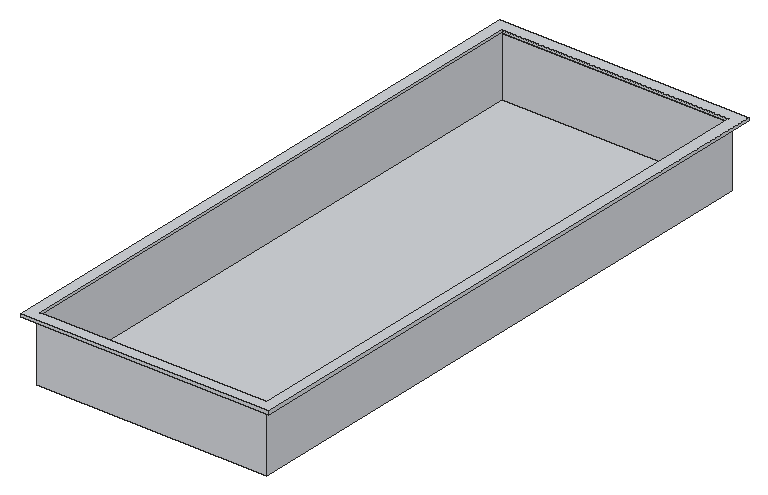
Revit family "Hager-Volta-IP30-Flush_mounted-leer-CH-de", category Electrical Equipment, host Face, Revit 2020
Family settings
  Host = Face
  Panel Configuration = Two Columns, Circuits Across
  Round Connector Dimension = Use Diameter
  Part Type = Panelboard
  Cut with Voids When Loaded = No
  Shared = No
  Room Calculation Point = No
Parameters (values of type "Unterputz  B348 H880 T94.5 12 Teilungseinheiten - VU60NK")
  Width Control [instance] = if([HG000006 - Unterputz], if([EF000846 - Einbaubreite] > min_whd, [EF000846 - Einbaubreite], min_whd), if([EF000008 - Breite] > min_whd, ([EF000008 - Breite]), min_whd))  # 335 mm
  Void Depth [instance] = if([HG000006 - Unterputz], Depth Control, 1 mm)  # 90 mm
  Type Comments = [HG000003 - Bereich]  # "Volta"
  System Height [instance] = Height Control - 2 * [HG000005 - Dicke]  # 840 mm
  Model = [HG000004 - Herstellerreferenz]  # "VU60NK"
  HG000017 - Distanz zwischen den Polen = 18 mm
  HG000016 - 3D-Türsichtbarkeit [instance] = yes
  HG000015 - Sichtbarkeit der Türöffnung [instance] = no
  HG000014 - Tür rechts [instance] = yes
  HG000013 - Tür links [instance] = not([HG000014 - Tür rechts])  # no
  HG000012 - Türschwenkwinkel [instance] = 45.00°
  HG000011 - Leere Reihen von unten = no
  HG000010 - Asymmetrische Türen = no
  HG000009 - Doppelflügeligen Tür = no
  HG000008 - Anzahl der leeren Reihen = 0
  HG000007 - Anzahl der leeren Spalten = 0
  HG000006 - Unterputz = yes
  HG000005 - Dicke = 3 mm  # constant formula
  HG000004 - Herstellerreferenz = "VU60NK"
  HG000003 - Bereich = "Volta"
  HG000002 - Mit tür = no
  HG000001 - Anzahl der Spalten = 0
  EF015941 - Signaldurchlassende Tür = no
  EF015777 - Neutralleiterklemmenblock = no
  EF015776 - Erdungsklemmenblock = no
  EF009212 - Ausführung Deckel = "EV000116 - geschlossen"
  EF006306 - Mit Schloss = no
  EF006244 - Transparenter Deckel/Tür = no
  EF005474 - Schutzart (IP) = ""
  EF004462 - Art der Schließung = ""
  EF002950 - Breite in Teilungseinheiten = 12
  EF001596 - Werkstoff des Gehäuses = "EV000139 - Kunststoff"
  EF001134 - DIN-Schiene = no
  EF001131 - Innentiefe = 92 mm
  EF001088 - Anbaumöglichkeit = yes
  EF001062 - EMV-Ausführung = yes
  EF000846 - Einbaubreite = 335 mm
  EF000339 - Art der Abdeckung = ""
  EF000332 - Einbauhöhe = 846 mm
  EF000266 - Anzahl der Reihen = 5
  EF000218 - Einbautiefe = 90 mm
  EF000118 - Mit Montageplatte = no
  EF000116 - RAL-Nummer = "7035"
  EF000049 - Tiefe = 94 mm
  EF000040 - Höhe = 880 mm
  EF000008 - Breite = 348 mm
  EF000007 - Farbe = "EV000270 - grau"
  EF000003 - Montageart = "EV000383 - Unterputz"
  Arrow Offset [instance] = Depth Control / 8  # 11.25 mm
  Arrow Height [instance] = Depth Control - Arrow Offset  # 78.75 mm
  Host Offset [instance] = if([HG000006 - Unterputz], 0 mm, [EF000049 - Tiefe])  # 0 mm
  min_whd [instance] = (2 * [HG000005 - Dicke]) + 1 mm  # 7 mm
  Manufacturer = "Hager"  # constant formula
  Height Control [instance] = if([HG000006 - Unterputz], if([EF000332 - Einbauhöhe] > min_whd, [EF000332 - Einbauhöhe], min_whd), if([EF000040 - Höhe] > min_whd, ([EF000040 - Höhe]), min_whd))  # 846 mm
  Flush Mounted - Door Frame Width [instance] = if(([EF000040 - Höhe] - [EF000332 - Einbauhöhe]) > 0 mm, if([HG000006 - Unterputz], [EF000040 - Höhe] - [EF000332 - Einbauhöhe], 0 mm), 0 mm)  # 34 mm
  Depth Control [instance] = if([HG000006 - Unterputz], if([EF000218 - Einbautiefe] > 0 mm, [EF000218 - Einbautiefe], 1 mm), if([EF000049 - Tiefe] > 0 mm, ([EF000049 - Tiefe]), 1 mm))  # 90 mm
  Default Elevation = 0 mm
Types (5, lengths in mm): name | System Height | Model | HG000004 - Herstellerreferenz | EF000332 - Einbauhöhe | EF000266 - Anzahl der Reihen | EF000040 - Höhe | EF000008 - Breite | Height Control | Flush Mounted - Door Frame Width
  Unterputz  B330 H355 T94.5 12 Teilungseinheiten - VU12NK | 340 | "VU12NK" | "VU12NK" | 346 | 1 | 355 | 330 | 346 | 9
  Unterputz  B330 H484 T94.5 12 Teilungseinheiten - VU24NK | 465 | "VU24NK" | "VU24NK" | 471 | 2 | 484 | 330 | 471 | 13
  Unterputz  B330 H609 T94.5 12 Teilungseinheiten - VU36NK | 590 | "VU36NK" | "VU36NK" | 596 | 3 | 609 | 330 | 596 | 13
  Unterputz  B330 H734 T94.5 12 Teilungseinheiten - VU48NK | 715 | "VU48NK" | "VU48NK" | 721 | 4 | 734 | 330 | 721 | 13
  Unterputz  B348 H880 T94.5 12 Teilungseinheiten - VU60NK | 840 | "VU60NK" | "VU60NK" | 846 | 5 | 880 | 348 | 846 | 34
Reference planes
  plane 1 "Center (Front/Back)": y = 0
  plane 2: z = 0
  plane 3 "Center (Left/Right)": x = 0
  plane 4: z = 0
  plane 5: y = 37
  plane 6: z = -5
  plane 7: y = 457
  plane 8: y = 34
  plane 9: y = 880
  plane 10: z = -90
  plane 11: x = -167.5
  plane 12: x = 167.5
  plane 13: x = 164.5
  plane 14: x = -164.5
  plane 15: y = 877
  plane 16: z = -87
  plane 17: z = -3
  plane 18: z = -90
  plane 19: z = -3
Forms (mm)
  Extrusion 1, solid
    sketch origin (-583.045, 34, 1219.2) x (-1, 0, 0) y (0, 0, 1)
      loop
        line (-415.545, -1219.2) -> (-750.545, -1219.2) -> (-750.545, -1309.2) -> (-415.545, -1309.2) -> (-415.545, -1219.2)
    from 0 to 846 <- "Height Control"
  Extrusion 2, void
    sketch origin (-381.607, -4572, 0) x (0, -1, 0) y (-1, 0, 0)
      loop
        line (-5449, -217.107) -> (-5449, -546.107) -> (-4609, -546.107) -> (-4609, -217.107) -> (-5449, -217.107)
    from 0 to 87
  Extrusion 3, void
    sketch origin (0, 0, 0) x (1, 0, 0) y (0, 1, 0)
      loop
        line (-167.5, 34) -> (167.5, 34) -> (167.5, 880) -> (-167.5, 880) -> (-167.5, 34)
    from -90 to 1
  Extrusion 4, solid, detail levels coarse+medium
    sketch origin (-381.607, -4572, 0) x (-1, 0, 0) y (0, -1, 0)
      loop
        line (-217.107, -5449) -> (-217.107, -4609) -> (-546.107, -4609) -> (-546.107, -5449) -> (-217.107, -5449)
    from 0 to -3
Cuts and joins
  Extrusion 2 cuts Extrusion 1
Dimensions and locks
  plane 4 to plane 6 = 5 mm
  "Host Offset": plane 4 to host face
  "Flush Mounted - Door Frame Width": plane 1 "Center (Front/Back)" to plane 8
  "HG000005 - Dicke": plane 5 to plane 8
  locked: connector elem to plane 3 "Center (Left/Right)"
  "Height Control": plane 9 to plane 8
  equal spacing: plane 9, plane 7, plane 8
  locked: connector elem to plane 7
  "Depth Control": plane 4 to plane 10
  "HG000005 - Dicke": plane 11 to plane 14
  "HG000005 - Dicke": plane 12 to plane 13
  equal spacing: plane 11, plane 3 "Center (Left/Right)", plane 12
  "Width Control": plane 11 to plane 12
  "Arrow Offset": nested 4 to plane 10
  "HG000005 - Dicke": plane 9 to plane 15
  "HG000005 - Dicke": plane 16 to plane 10
  "HG000005 - Dicke": plane 4 to plane 17
  "Void Depth": plane 2 to plane 18
  "HG000005 - Dicke": plane 4 to plane 19
  aligned and locked: plane 2 to host face
  aligned and locked: level to host face
  aligned and locked: plane 3 "Center (Left/Right)" to nested 2
  aligned and locked: plane 4 to nested 2
  aligned and locked: nested 2 to plane 8
  aligned and locked: nested 1 to plane 6
  aligned and locked: plane 5 to nested 1
  aligned and locked: nested 4 to plane 11
  aligned and locked: nested 3 to plane 4
  aligned and locked: Extrusion 1 sketch curve to plane 12
  aligned and locked: Extrusion 1 sketch curve to plane 11
  aligned and locked: nested 3 to plane 10
  aligned and locked: plane 10 to Extrusion 1 sketch curve
  aligned and locked: plane 5 to Extrusion 2 sketch curve
  aligned and locked: Extrusion 2 sketch curve to plane 15
  aligned and locked: Extrusion 2 sketch curve to plane 14
  aligned and locked: Extrusion 2 sketch curve to plane 13
  aligned and locked: plane 11 to Extrusion 3 sketch curve
  aligned and locked: plane 9 to Extrusion 3 sketch curve
  aligned and locked: Extrusion 3 sketch curve to plane 8
  aligned and locked: plane 12 to Extrusion 3 sketch curve
  aligned and locked: nested 3 to plane 12
  aligned and locked: Extrusion 3 to plane 18
  aligned and locked: Extrusion 2 to plane 16
  aligned and locked: Extrusion 1 sketch curve to plane 4
  aligned and locked: Extrusion 4 to plane 17
  aligned and locked: Extrusion 4 sketch curve to plane 15
  aligned and locked: Extrusion 4 sketch curve to plane 13
  aligned and locked: Extrusion 4 sketch curve to plane 14
  aligned and locked: plane 5 to Extrusion 4 sketch curve
Automatic sketch dimensions
  host sketch curve to host sketch curve = 1469.727 mm
  host sketch curve to host sketch curve = 1434.803 mm
Nested families
  nested 1: "Hager_Enclosure_System" at (0, 37, -5) x (1, 0, 0) z (0, 1, 0), Depth <- "HG000005 - Dicke", Height <- "System Height", Width <- "EF000008 - Breite", Border <- "HG000005 - Dicke", Flush_Mounted <- "HG000006 - Unterputz", Built-in_Width <- "EF000846 - Einbaubreite", Row_Module_Multiplicator <- "EF002950 - Breite in Teilungseinheiten", Total_No_Empty_Rows <- "HG000008 - Anzahl der leeren Reihen", Total_No_Rows <- "EF000266 - Anzahl der Reihen", Empty_Columns <- "HG000007 - Anzahl der leeren Spalten", Width_Control <- "Width Control", Empty_Rows_From_Bottom <- "HG000011 - Leere Reihen von unten", Distance_Between_Poles <- "HG000017 - Distanz zwischen den Polen", Rows_Count <- "EF000266 - Anzahl der Reihen", Columns_Count <- "HG000001 - Anzahl der Spalten", type "Hager_Enclosure_System", detail levels fine
    with Width_Control 335 mm, Width 348 mm, Total_No_Rows 5, Total_No_Empty_Rows 0, Total_No_Columns 1, System_Width 329 mm, Rows_Count 5, Rows_Column 5, Row_Module_Multiplicator 12, Panel_4 no, Panel_3 no, Panel_2 no, Panel_1 no, No_Panels_Ctrl 1, Hide_Columns yes, Height 840 mm, Flush_Mounted yes, Empty_Rows_From_Bottom no, Empty_Rows_Column 0, Empty_Columns 0, Distance_Between_Poles 18 mm, Depth 3 mm, Columns_Count 0, Column_Width 329 mm, Built-in_Width 335 mm, Border 3 mm
  nested 2: "Hager_Enclosure_Door" at (0, 34, 0) x (1, 0, 0) z (0, 1, 0), Border <- "HG000005 - Dicke", Door_Right <- "HG000014 - Tür rechts", Flush_Mounted <- "HG000006 - Unterputz", Depth <- "EF000049 - Tiefe", Width <- "EF000008 - Breite", Door_Left <- "HG000013 - Tür links", 3d_Door <- "HG000016 - 3D-Türsichtbarkeit", BuiltIn_Width <- "EF000846 - Einbaubreite", BuiltIn_Height <- "EF000332 - Einbauhöhe", BuiltIn_Depth <- "EF000218 - Einbautiefe", Angle <- "HG000012 - Türschwenkwinkel", Assymetrical <- "HG000010 - Asymmetrische Türen", Double <- "HG000009 - Doppelflügeligen Tür", Clearance <- "HG000015 - Sichtbarkeit der Türöffnung", Transparent <- "EF006244 - Transparenter Deckel/Tür", Door <- "HG000002 - Mit tür", Height_Ctrl <- "Height Control", Width_Ctrl <- "Width Control", Height <- "EF000040 - Höhe", type "Hager_Enclosure_Door", detail levels medium+fine
    with min_wh 7 mm, Width_Ctrl 335 mm, Width 348 mm, Transparent_Door_No_Bottom_Border no, Transparent no, Leaf_Width 326 mm, Leaf_Tolerance 1.5 mm, Leaf_Height 837 mm, Leaf_2_Width 326 mm, Leaf_2_Offset 163 mm, Leaf_1_Width 326 mm, Leaf_1_Offset 163 mm, Height_Ctrl 846 mm, Height 880 mm, Frame_Width_Ctrl 13 mm, Frame_Width 13 mm, Frame_Internal_Offset 3 mm, Frame_Height_Ctrl 34 mm, Frame_Height 34 mm, Frame_Depth_Ctrl 4 mm, Frame_Depth 4 mm, Flush_Mounted yes, Double_Clearance_Ctrl no, Double no, Door_Right_Ctrl no, Door_Right yes, Door_Left_Ctrl no, Door_Left no, Door no, Depth 94 mm, Clearance_Depth 326 mm, Clearance_Ctrl no, Clearance no, BuiltIn_Width 335 mm, BuiltIn_Height 846 mm, BuiltIn_Depth 90 mm, Border 3 mm, Assymetrical no, Angle 45.00°, 3d_Door yes
  nested 3: "Hager_Enclosure_Symbol_Triangle" at (-167.5, 0, -90) x (1, 0, 0) z (0, -1, 0), Depth <- "Depth Control", Width <- "Width Control", type "Hager_Enclosure_Symbol_Triangle"
    with Width_Ctrl 335 mm, Width 335 mm, Depth_Ctrl 90 mm, Depth 90 mm
  nested 4: "Hager_Enclosure_Symbol_Arrow" at (-167.5, 0, -78.75) x (1, 0, 0) z (0, -1, 0), Height <- "Arrow Height", type "Hager_Enclosure_Symbol_Arrow"
    with Width_Inside 5.906 mm, Width 70.875 mm, Height_Ctrl 78.75 mm, Height 78.75 mm
Connectors
  electrical at (0, 457, -90)
    settings: on plane 10, index 1, voltage 0 V, apparent load 0 VA, apparent load phase1 0 VA, apparent load phase2 0 VA, apparent load phase3 0 VA, power factor 1, load classification "Other", number of poles 1, system type 30, power factor state 1, is connector primary yes, connector utility no, sub classification motor no, connector description ""
Definition of nested family "Hager_Enclosure_Door"
  Parameters (values of type "Hager_Enclosure_Door")
    min_wh [instance] = (2 * Border) + 1 mm  # 11 mm
    Width_Ctrl [instance] = 400 mm
    Width [instance] = 500 mm
    Transparent_Door_No_Bottom_Border [instance] = no
    Transparent [instance] = yes
    Leaf_Width [instance] = if((Width_Ctrl - 2 * Border - 2 * Leaf_Tolerance) > 0 mm, (Width_Ctrl - 2 * Border - 2 * Leaf_Tolerance), min_wh)  # 387 mm
    Leaf_Tolerance [instance] = 1.5 mm  # constant formula
    Leaf_Height [instance] = if((Height_Ctrl - 2 * Border - 2 * Leaf_Tolerance) > 0 mm, (Height_Ctrl - 2 * Border - 2 * Leaf_Tolerance), min_wh)  # 387 mm
    Leaf_2_Width [instance] = if(and(and(Double, Assymetrical), Door_Left), (Leaf_Width / 3) - (Leaf_Tolerance / 2), if(and(and(Double, Assymetrical), Door_Right), (Leaf_Width / 3) * 2 - (Leaf_Tolerance / 2), if(and(Double, not(Assymetrical)), (Leaf_Width / 2) - Leaf_Tolerance, Leaf_Width)))  # 387 mm
    Leaf_2_Offset [instance] = if(and(Double, Assymetrical), Leaf_2_Width / 2, if(and(Double, not(Assymetrical)), Leaf_Width / 4, Leaf_Width / 2))  # 193.5 mm
    Leaf_1_Width [instance] = if(and(and(Double, Assymetrical), Door_Right), (Leaf_Width / 3) - (Leaf_Tolerance / 2), if(and(and(Double, Assymetrical), Door_Left), (Width / 3) * 2 - (Leaf_Tolerance / 2), if(and(Double, not(Assymetrical)), (Leaf_Width / 2) - Leaf_Tolerance, Leaf_Width)))  # 387 mm
    Leaf_1_Offset [instance] = if(and(Double, Assymetrical), Leaf_1_Width / 2, if(and(Double, not(Assymetrical)), Leaf_Width / 4, Leaf_Width / 2))  # 193.5 mm
    Height_Ctrl [instance] = 400 mm
    Height [instance] = 500 mm
    Frame_Width_Ctrl [instance] = if(Frame_Width > 0 mm, Frame_Width, 1 mm)  # 1 mm
    Frame_Width [instance] = Width - BuiltIn_Width  # 0 mm
    Frame_Internal_Offset [instance] = if(Flush_Mounted, Border, 0 mm)  # 5 mm
    Frame_Height_Ctrl [instance] = if(Frame_Height > 0 mm, Frame_Height, 1 mm)  # 1 mm
    Frame_Height [instance] = Height - BuiltIn_Height  # 0 mm
    Frame_Depth_Ctrl [instance] = if(Frame_Depth > 0 mm, Frame_Depth, 1 mm)  # 1 mm
    Frame_Depth [instance] = if(Depth - BuiltIn_Depth > 0 mm, if(Flush_Mounted, Depth - BuiltIn_Depth, 0 mm), 0 mm)  # 0 mm
    Flush_Mounted [instance] = yes
    Double_Clearance_Ctrl [instance] = and(Double, Clearance)  # no
    Double [instance] = no
    Door_Right_Ctrl [instance] = and(or(Door_Right, Double), Door)  # yes
    Door_Right [instance] = yes
    Door_Left_Ctrl [instance] = and(or(Door_Left, Double), Door)  # no
    Door_Left [instance] = no
    Door [instance] = yes
    Depth [instance] = 500 mm
    Default Elevation = 1219.2 mm
    Clearance_Material = none
    Clearance_Depth [instance] = if(Leaf_1_Width > Leaf_2_Width, Leaf_1_Width, Leaf_2_Width)  # 387 mm
    Clearance_Ctrl [instance] = and(not(Double), Clearance)  # yes
    Clearance [instance] = yes
    BuiltIn_Width [instance] = 500 mm
    BuiltIn_Height [instance] = 500 mm
    BuiltIn_Depth [instance] = 500 mm
    Border [instance] = 5 mm
    Assymetrical [instance] = yes
    Angle [instance] = 30.00°
    3d_Door [instance] = yes
  Reference planes
    plane 1 "Center (Front/Back)": y = 0
    plane 2 "Bottom": z = 0
    plane 3 "Center (Left/Right)": x = 0
    plane 4: z = 400
    plane 5: x = -200
    plane 6: x = 200
    plane 7: z = 395
    plane 8: x = -195
    plane 9: z = 5
    plane 10: x = 195
    plane 11: y = 0
    plane 12: z = 6.5
    plane 13: x = -582
    plane 14: y = -387
    plane 15: x = 582
    plane 16: x = 0
    plane 17: x = 0
    plane 18: x = -193.5
    plane 19: x = 193.5
    plane 20: z = 393.5
  Forms (mm)
    Extrusion 1, solid, visible <- "Flush_Mounted"
      sketch origin (0, 0, 0) x (1, 0, 0) y (0, 0, 1)
        loop
          line (195, 5) -> (195, 395) -> (-195, 395) -> (-195, 5) -> (195, 5)
        loop
          line (-201, 401) -> (-201, -1) -> (201, -1) -> (201, 401) -> (-201, 401)
      from 0 to 1 <- "Frame_Depth_Ctrl"
    Extrusion 2, solid, material <- "Clearance_Material", visible <- "Double_Clearance_Ctrl"
      sketch origin (1200, 0, 0) x (1, 0, 0) y (0, 0, -1)
        loop
          line (-1782, -393.5) -> (-618, -393.5) -> (-618, 0) -> (-1782, 0) -> (-1782, -393.5)
      from 0 to -387
  Dimensions and locks
    equal spacing: plane 5, plane 3 "Center (Left/Right)", plane 6
    "Width_Ctrl": plane 5 to plane 6
    "Border": plane 5 to plane 8
    "Border": plane 6 to plane 10
    "Border": plane 9 to level
    "Border": plane 4 to plane 7
    "Height_Ctrl": plane 4 to level
    "Leaf_Tolerance": plane 12 to plane 9
    "Frame_Depth": plane 11 to plane 1 "Center (Front/Back)"
    "Frame_Width_Ctrl": plane 5 to Extrusion 1 sketch curve
    "Frame_Width_Ctrl": plane 6 to Extrusion 1 sketch curve
    "Frame_Width_Ctrl": Extrusion 1 sketch curve to plane 4
    "Frame_Width_Ctrl": plane 2 "Bottom" to Extrusion 1 sketch curve
    "Leaf_1_Offset": plane 18 to plane 16
    "Leaf_2_Offset": plane 17 to plane 19
    "Leaf_1_Width": plane 13 to plane 8
    "Leaf_2_Width": plane 10 to plane 15
    "Clearance_Depth": plane 14 to plane 1 "Center (Front/Back)"
    "Leaf_Tolerance": plane 8 to plane 18
    "Leaf_Tolerance": plane 19 to plane 10
    "Leaf_Tolerance": plane 7 to plane 20
    "Frame_Internal_Offset": plane 5 to Extrusion 1 sketch curve
    "Frame_Internal_Offset": Extrusion 1 sketch curve to plane 2 "Bottom"
    "Frame_Internal_Offset": plane 6 to Extrusion 1 sketch curve
    "Frame_Internal_Offset": plane 4 to Extrusion 1 sketch curve
    aligned and locked: level to plane 2 "Bottom"
    aligned and locked: nested 1 to plane 16
    aligned and locked: nested 2 to plane 17
    aligned and locked: Extrusion 2 to plane 13
    aligned and locked: plane 15 to Extrusion 2
    aligned and locked: Extrusion 2 to plane 14
    aligned and locked: plane 12 to nested 1
    aligned and locked: nested 2 to plane 12
    aligned and locked: Extrusion 2 to plane 11
    aligned and locked: plane 20 to Extrusion 2
    aligned and locked: nested 2 to plane 11
    aligned and locked: nested 1 to plane 11
  Automatic sketch dimensions
    Extrusion 2 sketch curve to level = 0 mm
    plane 5 to Extrusion 2 sketch curve = 382 mm
    plane 6 to Extrusion 2 sketch curve = 382 mm
    Extrusion 2 sketch curve to plane 4 = 6.5 mm
  Nested families
    nested 1: "Hager_Enclosure_Door_Leaf" at (0, 0, 6.5), Width <- "Leaf_1_Width", visible <- "Door_Left_Ctrl", Leaf_Height <- "Leaf_Height", Angle <- "Angle", Depth <- "Border", 3d_Door <- "3d_Door", Transparent <- "Transparent", Clearance Material <- "Clearance_Material", Clearance <- "Clearance_Ctrl", Transparent_Door_No_Bottom_Border <- "Transparent_Door_No_Bottom_Border", type "Hager_Enclosure_Door_Leaf"
      with Width 387 mm, Transparent_Door_No_Bottom_Border no, Transparent_Door_Border_Bottom_Top 25 mm, Transparent_Door_Border 25 mm, Transparent_Ctrl yes, Transparent yes, Standard no, Leaf_Height 387 mm, Glass_Offset 1 mm, Depth 5 mm, Clearance Material none, Clearance yes, Angle_Ctrl 30.00°, Angle 30.00°, 3d_Door yes
    nested 2: "Hager_Enclosure_Door_Leaf" at (0, 0, 6.5) x (-1, 0, 0) z (0, 0, 1), Width <- "Leaf_2_Width", visible <- "Door_Right_Ctrl", Leaf_Height <- "Leaf_Height", Angle <- "Angle", Depth <- "Border", 3d_Door <- "3d_Door", Transparent <- "Transparent", Clearance Material <- "Clearance_Material", Clearance <- "Clearance_Ctrl", Transparent_Door_No_Bottom_Border <- "Transparent_Door_No_Bottom_Border", type "Hager_Enclosure_Door_Leaf"
      with Width 387 mm, Transparent_Door_No_Bottom_Border no, Transparent_Door_Border_Bottom_Top 25 mm, Transparent_Door_Border 25 mm, Transparent_Ctrl yes, Transparent yes, Standard no, Leaf_Height 387 mm, Glass_Offset 1 mm, Depth 5 mm, Clearance Material none, Clearance yes, Angle_Ctrl 30.00°, Angle 30.00°, 3d_Door yes
  Definition of nested family "Hager_Enclosure_Door_Leaf"
    Parameters (values of type "Hager_Enclosure_Door_Leaf")
      Width [instance] = 2000 mm
      Transparent_Door_No_Bottom_Border [instance] = yes
      Transparent_Door_Border_Bottom_Top [instance] = if(Transparent_Door_No_Bottom_Border, 0.1 mm, Transparent_Door_Border)  # 0.1 mm
      Transparent_Door_Border [instance] = if(Transparent_Door_No_Bottom_Border, (Width * 0.12), 25 mm)  # 240 mm
      Transparent_Ctrl [instance] = and(Transparent, [3d_Door])  # yes
      Transparent [instance] = yes
      Standard [instance] = and(not(Transparent), [3d_Door])  # no
      Leaf_Height [instance] = 2720.336 mm
      Glass_Offset [instance] = if((Depth - 10 mm) / 2 > 0 mm, (Depth - 10 mm) / 2, 1 mm)  # 15 mm
      Glass_Material = none
      Depth [instance] = 40 mm
      Default Elevation = 0 mm
      Clearance Material [instance] = none
      Clearance [instance] = yes
      Angle_Ctrl [instance] = if(Angle > 170.00°, 170.00°, Angle)  # 45.00°
      Angle [instance] = 45.00°
      3d_Door [instance] = yes
    Reference planes
      plane 1 "Center (Front/Back)": y = 0
      plane 2: z = 0
      plane 3 "Center (Left/Right)": x = 0
      plane 4: y = 2000
      plane 5: x = -1000
      plane 6: x = 1000
      plane 7: x = -3000
      plane 8: z = 2720.336
      plane 9: z = 0.1
      plane 10: z = 2720.236
      plane 11: x = 760
      plane 12: x = -760
    Forms (mm)
      Extrusion 1, solid, material <- "Clearance Material", visible <- "Clearance"
        sketch origin (0, 0, 0) x (1, 0, 0) y (0, 0, 1)
          loop
            line (-3000, 2720.336) -> (-3000, 0) -> (1000, 0) -> (1000, 2720.336) -> (-3000, 2720.336)
        from 0 to -2000
      Extrusion 2, solid, visible <- "Standard", detail levels medium+fine
        sketch origin (-1000, 0, 0) x (0.707107, 0.707107, 0) y (-0.707107, 0.707107, 0)
          loop
            line (0, -40) -> (2000, -40) -> (2000, 0) -> (0, 0) -> (0, -40)
        from 0 to 2720.336 <- "Leaf_Height"
      Extrusion 3, solid, visible <- "Transparent_Ctrl", detail levels medium+fine
        sketch origin (-1000, 0, 0) x (0.707107, 0.707107, 0) y (-0.707107, 0.707107, 0)
          loop
            line (0, -40) -> (2000, -40) -> (2000, 0) -> (0, 0) -> (0, -40)
        from 0 to 2720.336 <- "Leaf_Height"
      Extrusion 4, void, detail levels medium+fine
        sketch origin (-1000, 0, 0) x (-0.707107, 0.707107, 0) y (0.707107, 0.707107, 0)
          loop
            line (0, 240) -> (0, 1760) -> (-40, 1760) -> (-40, 240) -> (0, 240)
        from -2720.236 to -0.1
      Extrusion 5, solid, material <- "Glass_Material", visible <- "Transparent_Ctrl", detail levels medium+fine
        sketch origin (-1000, 0, 0) x (0.707107, 0.707107, 0) y (-0.707107, 0.707107, 0)
          loop
            line (240, -15) -> (240, -25) -> (1760, -25) -> (1760, -15) -> (240, -15)
        from 0.1 to 2720.236
    Cuts and joins
      Extrusion 4 cuts Extrusion 3
    Lines and regions (mm)
      symbolic lines
        curve 1: line (1000, 0, 0) -> (-3000, 0, 0)
        curve 2: arc (1000, 0, 0) -> (-1000, 2000, 0) -> (-3000, 0, 0) r 2000
        curve 4: line (-1000, 0, 0) -> (414.214, 1414.214, 0)
      reference lines
        curve 3: line (-1000, 0, 0) -> (414.214, 1414.214, 0)
      symbolic lines, detail levels medium+fine
        curve 5: line (414.214, 1414.214, 0) -> (442.498, 1385.929, 0)
        curve 6: line (442.498, 1385.929, 0) -> (-971.716, -28.284, 0)
        curve 7: line (-971.716, -28.284, 0) -> (-1000, 0, 0)
        curve 8: line (-1000, 0, 2720.336) -> (1000, 0, 2720.336)
        curve 9: line (-1000, 0, 0) -> (-1000, 0, 2720.336)
        curve 10: line (1000, 0, 0) -> (-1000, 0, 0)
        curve 11: line (1000, 0, 2720.336) -> (1000, 0, 0)
      symbolic lines, visible <- "Transparent_Ctrl", detail levels medium+fine
        curve 12: line (-760, 0, 2720.236) -> (760, 0, 2720.236)
        curve 13: line (-760, 0, 0.1) -> (-760, 0, 2720.236)
        curve 14: line (760, 0, 0.1) -> (-760, 0, 0.1)
        curve 15: line (760, 0, 2720.236) -> (760, 0, 0.1)
    Dimensions and locks
      "Width": plane 1 "Center (Front/Back)" to plane 4
      equal spacing: plane 5, plane 3 "Center (Left/Right)", plane 6
      "Width": plane 5 to plane 6
      "Width": plane 7 to plane 5
      "Leaf_Height": plane 8 to level
      "Depth": curve 6 to curve 3
      "Width": curve 5 to curve 3
      "Width": curve 3 to curve 3
      "Transparent_Door_Border": Extrusion 4 sketch curve to curve 7
      "Transparent_Door_Border": Extrusion 4 sketch curve to curve 5
      "Transparent_Door_Border_Bottom_Top": plane 8 to plane 10
      "Transparent_Door_Border_Bottom_Top": plane 9 to level
      "Glass_Offset": Extrusion 5 sketch curve to curve 4
      "Glass_Offset": Extrusion 5 sketch curve to curve 6
      "Transparent_Door_Border": Extrusion 5 sketch curve to curve 5
      "Transparent_Door_Border": Extrusion 5 sketch curve to curve 7
      "Transparent_Door_Border": plane 12 to plane 5
      "Transparent_Door_Border": plane 6 to plane 11
      "Angle_Ctrl": angle plane 1 "Center (Front/Back)" to curve 3
      aligned and locked: level to plane 2
      aligned and locked: Extrusion 1 to curve 1
      aligned and locked: plane 6 to Extrusion 1
      aligned and locked: Extrusion 1 to plane 1 "Center (Front/Back)"
      aligned and locked: plane 4 to Extrusion 1
      aligned and locked: plane 8 to Extrusion 1
      aligned and locked: curve 4 to curve 3
      aligned and locked: Extrusion 2 sketch curve to curve 7
      aligned and locked: Extrusion 2 sketch curve to curve 6
      aligned and locked: Extrusion 2 sketch curve to curve 5
      aligned and locked: Extrusion 2 sketch curve to curve 3
      aligned and locked: curve 7 to Extrusion 3 sketch curve
      aligned and locked: Extrusion 3 sketch curve to curve 4
      aligned and locked: Extrusion 3 sketch curve to curve 6
      aligned and locked: Extrusion 3 sketch curve to curve 5
      aligned and locked: curve 4 to Extrusion 4 sketch curve
      aligned and locked: curve 6 to Extrusion 4 sketch curve
      aligned and locked: Extrusion 4 to plane 9
      aligned and locked: Extrusion 4 to plane 10
      aligned and locked: Extrusion 5 to plane 9
      aligned and locked: Extrusion 5 to plane 10
      aligned and locked: curve 8 to plane 8
      aligned and locked: plane 5 to curve 9
      aligned and locked: plane 2 to curve 10
      aligned and locked: curve 11 to plane 6
      aligned and locked: plane 10 to curve 12
      aligned and locked: plane 12 to curve 13
      aligned and locked: curve 14 to plane 9
      aligned and locked: plane 11 to curve 15
    Automatic sketch dimensions
      plane 1 "Center (Front/Back)" to curve 2 = 0 mm
      curve 2 to plane 5 = 0 mm
      Extrusion 1 sketch curve to level = 0 mm
      Extrusion 1 sketch curve to plane 7 = 0 mm
      Extrusion 1 sketch curve to plane 6 = 0 mm
      Extrusion 1 sketch curve to plane 8 = 0 mm
      plane 1 "Center (Front/Back)" to curve 3 = 0 mm
      curve 3 to plane 5 = 0 mm
      curve 7 to curve 3 = 0 mm
Definition of nested family "Hager_Enclosure_Symbol_Triangle"
  Parameters (values of type "Hager_Enclosure_Symbol_Triangle")
    Width_Ctrl [instance] = if(Width > 1 mm, Width, 1 mm)  # 498 mm
    Width [instance] = 498 mm
    Depth_Ctrl [instance] = if(Depth > 1 mm, Depth, 1 mm)  # 72 mm
    Depth [instance] = 72 mm
  Reference planes
    plane 1 "Centre (avant/arrière)": y = 0
    plane 2: z = 0
    plane 3 "Centre (gauche/droite)": x = 0
  Lines and regions (mm)
    Filled region 1, type "Solid_Black", in view "Niveau de réf."
      outline origin (0, 0, 0) x (1, 0, 0) y (0, 1, 0)
        loop
          line (0, 0) -> (498, 0) -> (498, 72) -> (0, 0)
    reference lines, in view "Niveau de réf."
      curve 1: line (-206.153, 72, 0) -> (1083.258, 72, 0)
      curve 2: line (498, 405.456, 0) -> (498, -517.619, 0)
  Dimensions and locks
    "Depth_Ctrl": plane 1 "Centre (avant/arrière)" to curve 1
    "Width_Ctrl": plane 3 "Centre (gauche/droite)" to curve 2
    aligned and locked: curve 1 to Filled region 1 sketch curve
    aligned and locked: Filled region 1 sketch curve to plane 1 "Centre (avant/arrière)"
    aligned and locked: curve 2 to Filled region 1 sketch curve
    aligned and locked: plane 3 "Centre (gauche/droite)" to Filled region 1 sketch curve
    aligned and locked: plane 1 "Centre (avant/arrière)" to Filled region 1 sketch curve
  Automatic sketch dimensions
    curve 1 to plane 3 "Centre (gauche/droite)" = 206.153 mm
    curve 2 to curve 1 = 585.258 mm
    plane 1 "Centre (avant/arrière)" to curve 2 = 517.619 mm
    curve 2 to plane 1 "Centre (avant/arrière)" = 405.456 mm
Definition of nested family "Hager_Enclosure_Symbol_Arrow"
  Parameters (values of type "Hager_Enclosure_Symbol_Arrow")
    Width_Inside [instance] = if(Width / 12 > 2 mm, Width / 12, 2 mm)  # 4.987 mm
    Width [instance] = if(Height_Ctrl * 0.9 > 2 mm, Height_Ctrl * 0.9, 2 mm)  # 59.85 mm
    Height_Ctrl [instance] = if(Height > 2 mm, Height, 2 mm)  # 66.5 mm
    Height [instance] = 66.5 mm
  Reference planes
    plane 1 "Centre (avant/arrière)": y = 0
    plane 2: z = 0
    plane 3 "Centre (gauche/droite)": x = 0
    plane 4: x = 59.85
    plane 5: y = 28.263
    plane 6: y = 38.238
    plane 7: y = 66.5
    plane 8: x = 29.925
    plane 9: y = 33.25
  Lines and regions (mm)
    Filled region 1, type "Solid_Black", in view "Niveau de réf."
      outline origin (0, 0, 0) x (1, 0, 0) y (0, 1, 0)
        loop
          line (59.85, 66.5) -> (37.929, 52.827) -> (51.846, 41.935) -> (59.85, 66.5)
    detail lines, in view "Niveau de réf."
      curve 1: line (0, 0, 0) -> (29.925, 38.238, 0)
      curve 2: line (29.925, 38.238, 0) -> (29.925, 28.263, 0)
      curve 3: line (29.925, 28.263, 0) -> (59.85, 66.5, 0)
  Dimensions and locks
    "Width": plane 3 "Centre (gauche/droite)" to plane 4
    "Height_Ctrl": plane 7 to plane 1 "Centre (avant/arrière)"
    equal spacing: plane 3 "Centre (gauche/droite)", plane 8, plane 4
    equal spacing: plane 7, plane 9, plane 1 "Centre (avant/arrière)"
    equal spacing: plane 6, plane 9, plane 5
    "Width_Inside": plane 6 to plane 9
    equal spacing: curve 3, Filled region 1 sketch curve, Filled region 1 sketch curve
    angle Filled region 1 sketch curve to curve 3 = 20.00°
    angle curve 3 to Filled region 1 sketch curve = 20.00°
    locked: curve 3 to Filled region 1 sketch curve (angle 90.00°)
  Automatic sketch dimensions
    plane 1 "Centre (avant/arrière)" to curve 1 = 0 mm
    curve 1 to plane 3 "Centre (gauche/droite)" = 0 mm
    curve 2 to plane 6 = 0 mm
    curve 3 to plane 8 = 0 mm
    curve 3 to plane 4 = 0 mm
    curve 2 to plane 5 = 0 mm
    curve 3 to plane 7 = 0 mm
    Filled region 1 sketch curve to plane 4 = 0 mm
    Filled region 1 sketch curve to plane 7 = 0 mm
